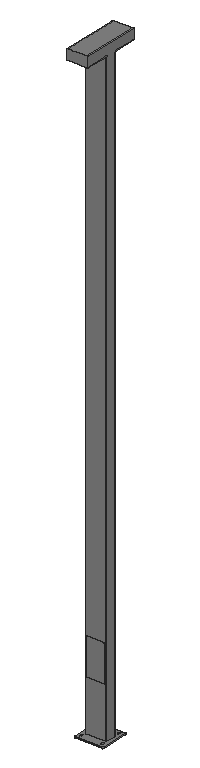
Revit family "Супремус В", category Осветительные приборы, Revit 2019 (continued)
Types (7, lengths in mm): name | Файл фотометрической сетки | built-in parameter 1150105 | Lumens | built-in parameter 1150106 | built-in parameter 1150142 | Wattage | L_общая рассеиватели | ADSK_Фактическая мощность | ADSK_Размер_Высота | ADSK_Номинальная мощность | ADSK_Наименование | ADSK_Масса_Текст | ADSK_Масса | ADSK_Артикул | 2
    .7 359.3 358.7 358.3 357.9 357.2 355.9 354.8\r\n 353.5 351.8 350.0 348.1 346.3 344.1 341.8 339.1 336.5 333.5 329.6 325.5 320.7 317.0 312.5 307.0 301.0 294.3 287.3 279.2 270.6\r\n 262.2 253.1 243.5 234.7 226.2 218.3 210.2 202.4 193.6 184.4 175.6 167.8 160.7 154.1 147.5 141.1 134.4 128.6 123.8 119.5 115.6\r\n 112.6 109.6 106.4 103.5 100.7 97.9 95.4 93.1 90.6 87.8 85.5 83.2 81.0 78.6 76.2 73.3 70.4 67.2 64.1 60.9 57.8 55.0 52.4 50.0 47.8\r\n 45.8 44.1 42.4 40.8 39.1 37.1 35.2 33.3 31.6 29.8 28.2 26.7 25.3 23.9 22.6 21.4 20.4 19.6 18.9 18.1 17.4 16.8 16.1 15.2 13.9 12.7\r\n 12.0 11.5 11.1 10.6 10.3 9.9 9.5 9.1 8.6 8.3 7.9 7.0 6.3 5.9 5.6 5.4 5.2 5.0 4.9 4.8 4.7 4.6 4.8 4.9 4.7 4.3 4.1 3.7 3.4 3.2 3.0\r\n 2.8 2.7 2.6 2.5 2.3 2.2 2.1 2.0 1.9 1.8 1.6 1.5 1.4 1.3 0.0 0.0 0.0 0.0 0.0 0.0 0.0 0.0 0.0 0.0 0.0 0.0 0.0 0.0 0.0 0.0 0.0 0.0\r\n 0.0 0.0 0.0 0.0 0.0 0.0 0.0 0.0 0.0 0.0 0.0 0.0 0.0 0.0 0.0 0.0 0.0 0.0 0.0 0.0 0.0 0.0 0.0 0.0 0.0 0.0 0.0 0.0 0.0 0.0 0.0 0.0\r\n 0.0 0.0 0.0 0.0 0.0 0.0 0.0 0.0 0.0 0.0 0.0 0.0 0.0 0.0 0.0 0.0 0.0 0.0 0.0 0.0 0.0 0.0 0.0 0.0 0.0 0.0 0.0 0.0 0.0 0.0 0.0 0.0\r\n 0.0 0.0 0.0 0.0 0.0 0.0 0.0 0.0 0.0 0.0 0.0 0.0 0.0 0.0 0.0 0.0 0.0 0.0 0.0 0.0 0.0 0.0 0.0 0.0 0.0 0.0 0.0 0.0 0.0 0.0 0.0 0.0\r\n 0.0 0.0 0.0 0.0 0.0 0.0 0.0 0.0 0.0 0.0 0.0 0.0 0.0 0.0 0.0 0.0 0.0 0.0 0.0 0.0 0.0 0.0 0.0 0.0 0.0 0.0 0.0 0.0 0.0 0.0 0.0 0.0\r\n 0.0 0.0 0.0 0.0 0.0 0.0 0.0 0.0 0.0 0.0 0.0 0.0 0.0 0.0\r\n275.6 278.1 280.8 283.4 286.3 289.3 292.6 296.0 299.5 302.9 305.9 308.9 311.5 314.2 316.6 318.8 321.2 323.4 326.0 328.6 331.0\r\n 333.2 335.2 337.0 338.7 340.4 342.0 343.5 344.8 346.3 347.8 349.1 350.6 352.1 353.3 355.0 356.3 357.8 359.3 360.4 361.4 362.2\r\n 362.8 363.1 363.9 364.3 364.7 364.7 364.5 364.1 363.1 362.5 361.7 361.0 360.6 360.3 359.9 359.5 359.0 358.3 357.3 356.1 354.9\r\n 353.5 351.8 350.0 348.2 346.3 343.7 340.9 337.9 334.7 331.3 327.4 322.9 317.8 313.9 308.9 302.9 296.0 288.4 280.8 272.3 263.8\r\n 254.5 244.2 234.3 225.1 216.9 208.9 200.5 192.3 182.9 173.7 165.6 158.5 151.8 145.5 139.6 133.6 128.2 122.9 117.7 114.3 111.1\r\n 108.2 105.4 102.5 99.5 96.7 94.1 91.6 89.0 86.3 83.8 81.9 80.2 78.2 75.7 73.2 70.3 67.2 64.1 60.7 57.3 54.3 51.7 49.1 46.8 45.0\r\n 43.4 41.9 40.4 38.9 37.0 35.0 33.1 31.4 29.6 28.1 26.7 25.3 23.9 22.7 21.7 20.8 20.0 19.3 18.7 18.0 17.4 16.9 16.2 15.4 14.1 12.7\r\n 11.7 11.2 10.8 10.4 10.1 9.7 9.3 9.0 8.6 8.2 7.8 6.9 6.2 5.8 5.6 5.3 5.1 5.0 4.9 4.8 4.7 4.7 4.9 4.9 4.6 4.3 4.1 3.8 3.4 3.2 3.0\r\n 2.8 2.7 2.6 2.5 2.4 2.4 2.2 2.1 2.0 1.8 1.7 1.5 1.4 1.3 0.0 0.0 0.0 0.0 0.0 0.0 0.0 0.0 0.0 0.0 0.0 0.0 0.0 0.0 0.0 0.0 0.0 0.0\r\n 0.0 0.0 0.0 0.0 0.0 0.0 0.0 0.0 0.0 0.0 0.0 0.0 0.0 0.0 0.0 0.0 0.0 0.0 0.0 0.0 0.0 0.0 0.0 0.0 0.0 0.0 0.0 0.0 0.0 0.0 0.0 0.0\r\n 0.0 0.0 0.0 0.0 0.0 0.0 0.0 0.0 0.0 0.0 0.0 0.0 0.0 0.0 0.0 0.0 0.0 0.0 0.0 0.0 0.0 0.0 0.0 0.0 0.0 0.0 0.0 0.0 0.0 0.0 0.0 0.0\r\n 0.0 0.0 0.0 0.0 0.0 0.0 0.0 0.0 0.0 0.0 0.0 0.0 0.0 0.0 0.0 0.0 0.0 0.0 0.0 0.0 0.0 0.0 0.0 0.0 0.0 0.0 0.0 0.0 0.0 0.0 0.0 0.0\r\n 0.0 0.0 0.0 0.0 0.0 0.0 0.0 0.0 0.0 0.0 0.0 0.0 0.0 0.0 0.0 0.0 0.0 0.0 0.0 0.0 0.0 0.0 0.0 0.0 0.0 0.0 0.0 0.0 0.0 0.0 0.0 0.0\r\n 0.0 0.0 0.0 0.0 0.0 0.0 0.0 0.0 0.0 0.0 0.0 0.0 0.0 0.0\r\n275.6 278.0 280.5 283.4 286.2 289.3 292.9 296.2 299.5 302.8 305.9 308.8 311.4 314.0 316.5 318.8 321.1 323.4 326.0 328.6 330.9\r\n 333.1 335.1 336.6 338.4 340.3 341.8 343.0 344.6 346.0 347.4 349.0 350.4 351.8 353.1 354.7 356.3 357.6 359.0 360.3 361.1 361.9\r\n 362.4 363.0 363.3 363.7 364.3 364.3 363.7 363.0 362.2 361.5 360.6 360.0 359.6 359.3 359.0 358.7 358.1 357.3 356.1 355.1 353.9\r\n 352.4 350.4 348.6 347.1 345.2 342.6 339.9 336.4 333.2 330.0 326.0 320.9 316.0 311.5 306.2 299.9 292.8 284.9 276.9 268.1 259.4\r\n 249.1 238.2 228.2 219.7 211.9 203.4 194.8 185.9 176.5 167.9 160.0 153.1 146.7 140.6 135.0 129.3 123.8 118.8 114.9 111.7 108.7\r\n 106.0 103.1 100.1 96.8 94.1 91.5 88.9 86.0 83.2 81.1 79.6 78.0 75.8 73.4 70.7 67.7 64.7 61.7 58.3 55.1 52.1 49.5 47.1 45.1 43.5\r\n 42.2 40.9 39.5 37.8 36.0 34.0 32.1 30.2 28.7 27.3 25.9 24.5 23.3 22.2 21.2 20.4 19.6 19.0 18.3 17.7 17.0 16.4 15.8 15.0 13.6 12.3\r\n 11.4 10.9 10.5 10.1 9.7 9.3 9.0 8.6 8.3 8.1 7.6 6.7 6.1 5.8 5.5 5.3 5.1 4.9 4.9 4.8 4.6 4.8 4.9 4.9 4.7 4.3 4.1 3.7 3.4 3.2 3.0\r\n 2.8 2.7 2.6 2.5 2.5 2.5 2.4 2.2 2.0 1.9 1.7 1.6 1.5 1.3 0.0 0.0 0.0 0.0 0.0 0.0 0.0 0.0 0.0 0.0 0.0 0.0 0.0 0.0 0.0 0.0 0.0 0.0\r\n 0.0 0.0 0.0 0.0 0.0 0.0 0.0 0.0 0.0 0.0 0.0 0.0 0.0 0.0 0.0 0.0 0.0 0.0 0.0 0.0 0.0 0.0 0.0 0.0 0.0 0.0 0.0 0.0 0.0 0.0 0.0 0.0\r\n 0.0 0.0 0.0 0.0 0.0 0.0 0.0 0.0 0.0 0.0 0.0 0.0 0.0 0.0 0.0 0.0 0.0 0.0 0.0 0.0 0.0 0.0 0.0 0.0 0.0 0.0 0.0 0.0 0.0 0.0 0.0 0.0\r\n 0.0 0.0 0.0 0.0 0.0 0.0 0.0 0.0 0.0 0.0 0.0 0.0 0.0 0.0 0.0 0.0 0.0 0.0 0.0 0.0 0.0 0.0 0.0 0.0 0.0 0.0 0.0 0.0 0.0 0.0 0.0 0.0\r\n 0.0 0.0 0.0 0.0 0.0 0.0 0.0 0.0 0.0 0.0 0.0 0.0 0.0 0.0 0.0 0.0 0.0 0.0 0.0 0.0 0.0 0.0 0.0 0.0 0.0 0.0 0.0 0.0 0.0 0.0 0.0 0.0\r\n 0.0 0.0 0.0 0.0 0.0 0.0 0.0 0.0 0.0 0.0 0.0 0.0 0.0 0.0\r\n275.6 278.0 280.5 283.3 286.2 289.2 292.8 296.0 299.3 302.6 305.8 308.6 311.2 313.8 316.2 318.7 321.0 323.2 325.6 328.1 330.6\r\n 332.8 334.9 336.5 338.1 339.8 341.5 342.8 344.4 345.7 346.9 348.6 350.0 351.2 352.7 354.1 355.8 357.3 358.7 360.0 360.8 361.5\r\n 362.3 362.7 363.1 363.5 364.1 364.2 363.7 363.1 362.3 361.5 360.7 360.1 359.7 359.4 359.0 359.0 358.4 357.6 356.8 355.4 354.5\r\n 353.0 351.2 349.4 347.7 345.9 343.4 340.9 338.1 335.1 331.8 327.9 323.0 318.0 312.8 307.7 301.8 295.0 287.7 279.8 271.2 262.6\r\n 253.0 242.1 232.5 223.9 216.0 207.7 198.8 190.1 180.3 171.0 162.7 155.4 148.8 142.4 136.8 131.5 126.3 120.9 115.7 112.3 109.3\r\n 106.4 103.5 100.5 97.3 94.3 91.5 88.8 85.9 83.1 80.8 79.1 77.6 75.7 73.5 70.9 68.1 65.5 62.7 59.4 56.1 53.2 50.6 48.1 45.9 44.0\r\n 42.5 41.1 39.7 38.1 36.4 34.5 32.7 30.8 29.0 27.6 26.3 24.8 23.5 22.4 21.4 20.6 19.9 19.1 18.5 17.7 17.1 16.4 15.8 15.0 13.8 12.5\r\n 11.5 11.0 10.6 10.2 9.8 9.4 9.1 8.7 8.4 8.1 7.7 6.8 6.0 5.7 5.4 5.2 5.1 4.9 4.8 4.7 4.5 4.6 4.8 4.7 4.8 4.4 4.1 3.8 3.4 3.2 3.0\r\n 2.8 2.6 2.5 2.5 2.4 2.4 2.2 2.1 1.9 1.8 1.7 1.5 1.4 1.3 0.0 0.0 0.0 0.0 0.0 0.0 0.0 0.0 0.0 0.0 0.0 0.0 0.0 0.0 0.0 0.0 0.0 0.0\r\n 0.0 0.0 0.0 0.0 0.0 0.0 0.0 0.0 0.0 0.0 0.0 0.0 0.0 0.0 0.0 0.0 0.0 0.0 0.0 0.0 0.0 0.0 0.0 0.0 0.0 0.0 0.0 0.0 0.0 0.0 0.0 0.0\r\n 0.0 0.0 0.0 0.0 0.0 0.0 0.0 0.0 0.0 0.0 0.0 0.0 0.0 0.0 0.0 0.0 0.0 0.0 0.0 0.0 0.0 0.0 0.0 0.0 0.0 0.0 0.0 0.0 0.0 0.0 0.0 0.0\r\n 0.0 0.0 0.0 0.0 0.0 0.0 0.0 0.0 0.0 0.0 0.0 0.0 0.0 0.0 0.0 0.0 0.0 0.0 0.0 0.0 0.0 0.0 0.0 0.0 0.0 0.0 0.0 0.0 0.0 0.0 0.0 0.0\r\n 0.0 0.0 0.0 0.0 0.0 0.0 0.0 0.0 0.0 0.0 0.0 0.0 0.0 0.0 0.0 0.0 0.0 0.0 0.0 0.0 0.0 0.0 0.0 0.0 0.0 0.0 0.0 0.0 0.0 0.0 0.0 0.0\r\n 0.0 0.0 0.0 0.0 0.0 0.0 0.0 0.0 0.0 0.0 0.0 0.0 0.0 0.0\r\n275.6 278.0 280.6 283.2 286.0 289.1 292.4 296.0 299.3 302.3 305.4 308.2 310.8 313.4 315.7 318.1 320.2 322.5 325.0 327.5 329.8\r\n 331.8 333.8 335.4 337.0 338.7 340.3 341.6 343.0 344.4 345.6 347.1 348.4 349.7 351.1 352.7 354.1 355.6 357.1 358.3 359.4 360.1\r\n 360.6 361.0 361.5 362.1 362.6 362.7 362.6 361.9 361.2 360.6 359.9 359.0 358.7 358.3 358.0 357.7 357.4 356.6 355.8 354.9 353.7\r\n 352.4 350.7 349.0 347.3 345.7 343.6 341.5 339.0 336.6 333.5 329.8 325.1 320.0 314.9 310.0 304.4 298.0 291.5 284.4 276.1 267.8\r\n 258.7 248.6 239.1 230.3 222.3 213.7 205.0 196.4 187.1 177.4 168.7 161.2 154.1 147.2 140.5 134.4 128.4 122.9 118.4 114.7 111.3\r\n 108.3 105.2 102.2 99.1 96.1 93.2 90.4 87.7 85.0 82.3 80.3 78.7 76.8 74.6 72.3 69.6 66.9 64.2 61.5 58.3 55.4 52.8 50.1 47.7 45.6\r\n 43.8 42.2 40.7 39.1 37.5 35.8 34.0 32.2 30.2 28.3 26.8 25.3 23.9 22.5 21.4 20.4 19.5 18.8 18.1 17.4 16.8 16.2 15.5 14.7 13.5 12.4\r\n 11.8 11.3 10.9 10.4 10.1 9.7 9.3 8.9 8.5 8.2 7.8 6.9 6.2 5.8 5.6 5.3 5.1 4.9 4.8 4.8 4.7 4.8 4.9 4.6 4.7 4.5 4.1 3.9 3.5 3.2 3.0\r\n 2.8 2.7 2.5 2.4 2.3 2.2 2.0 1.9 1.8 1.7 1.6 1.5 1.4 1.3 0.0 0.0 0.0 0.0 0.0 0.0 0.0 0.0 0.0 0.0 0.0 0.0 0.0 0.0 0.0 0.0 0.0 0.0\r\n 0.0 0.0 0.0 0.0 0.0 0.0 0.0 0.0 0.0 0.0 0.0 0.0 0.0 0.0 0.0 0.0 0.0 0.0 0.0 0.0 0.0 0.0 0.0 0.0 0.0 0.0 0.0 0.0 0.0 0.0 0.0 0.0\r\n 0.0 0.0 0.0 0.0 0.0 0.0 0.0 0.0 0.0 0.0 0.0 0.0 0.0 0.0 0.0 0.0 0.0 0.0 0.0 0.0 0.0 0.0 0.0 0.0 0.0 0.0 0.0 0.0 0.0 0.0 0.0 0.0\r\n 0.0 0.0 0.0 0.0 0.0 0.0 0.0 0.0 0.0 0.0 0.0 0.0 0.0 0.0 0.0 0.0 0.0 0.0 0.0 0.0 0.0 0.0 0.0 0.0 0.0 0.0 0.0 0.0 0.0 0.0 0.0 0.0\r\n 0.0 0.0 0.0 0.0 0.0 0.0 0.0 0.0 0.0 0.0 0.0 0.0 0.0 0.0 0.0 0.0 0.0 0.0 0.0 0.0 0.0 0.0 0.0 0.0 0.0 0.0 0.0 0.0 0.0 0.0 0.0 0.0\r\n 0.0 0.0 0.0 0.0 0.0 0.0 0.0 0.0 0.0 0.0 0.0 0.0 0.0 0.0\r\n275.6 277.9 280.5 283.0 285.7 288.8 291.9 295.1 298.6 301.8 304.7 307.5 310.0 312.7 314.9 317.1 319.3 321.3 323.8 326.2 328.6\r\n 330.6 332.5 334.2 335.8 337.2 338.8 340.3 341.5 342.8 344.1 345.3 346.5 347.8 348.9 350.4 351.8 353.1 354.7 355.9 357.0 357.9\r\n 358.6 359.0 359.7 360.0 360.6 360.9 361.2 361.1 360.5 359.9 359.4 358.7 358.1 357.7 357.4 357.0 356.8 356.2 355.6 354.8 353.6\r\n 352.7 351.5 350.1 348.5 346.9 345.3 343.9 342.3 340.2 337.9 334.7 330.4 325.3 320.9 316.7 311.2 304.9 298.8 292.8 285.3 277.7\r\n 269.5 260.7 251.8 242.7 234.2 225.7 216.9 208.2 199.5 191.0 182.8 174.6 166.8 159.5 152.7 145.6 139.0 132.8 127.8 122.8 117.9\r\n 114.3 111.0 107.9 104.7 101.5 98.3 95.4 92.7 90.1 87.5 85.0 82.7 80.7 78.6 76.4 73.8 71.0 68.2 65.6 62.8 59.5 56.5 53.7 51.1 48.5\r\n 46.4 44.4 42.7 41.2 39.7 38.3 36.7 34.9 33.1 31.3 29.5 27.5 25.8 24.4 22.9 21.5 20.3 19.4 18.5 17.7 17.0 16.2 15.5 14.6 13.5 12.7\r\n 12.2 11.9 11.4 11.0 10.6 10.3 9.9 9.5 9.0 8.6 8.3 7.7 6.9 6.3 6.0 5.7 5.5 5.3 5.2 5.0 4.8 4.6 4.7 4.7 4.6 4.5 4.2 3.9 3.6 3.3 3.1\r\n 2.9 2.7 2.5 2.3 2.2 2.1 1.9 1.9 1.8 1.7 1.6 1.5 1.4 1.3 0.0 0.0 0.0 0.0 0.0 0.0 0.0 0.0 0.0 0.0 0.0 0.0 0.0 0.0 0.0 0.0 0.0 0.0\r\n 0.0 0.0 0.0 0.0 0.0 0.0 0.0 0.0 0.0 0.0 0.0 0.0 0.0 0.0 0.0 0.0 0.0 0.0 0.0 0.0 0.0 0.0 0.0 0.0 0.0 0.0 0.0 0.0 0.0 0.0 0.0 0.0\r\n 0.0 0.0 0.0 0.0 0.0 0.0 0.0 0.0 0.0 0.0 0.0 0.0 0.0 0.0 0.0 0.0 0.0 0.0 0.0 0.0 0.0 0.0 0.0 0.0 0.0 0.0 0.0 0.0 0.0 0.0 0.0 0.0\r\n 0.0 0.0 0.0 0.0 0.0 0.0 0.0 0.0 0.0 0.0 0.0 0.0 0.0 0.0 0.0 0.0 0.0 0.0 0.0 0.0 0.0 0.0 0.0 0.0 0.0 0.0 0.0 0.0 0.0 0.0 0.0 0.0\r\n 0.0 0.0 0.0 0.0 0.0 0.0 0.0 0.0 0.0 0.0 0.0 0.0 0.0 0.0 0.0 0.0 0.0 0.0 0.0 0.0 0.0 0.0 0.0 0.0 0.0 0.0 0.0 0.0 0.0 0.0 0.0 0.0\r\n 0.0 0.0 0.0 0.0 0.0 0.0 0.0 0.0 0.0 0.0 0.0 0.0 0.0 0.0\r\n275.6 277.9 280.2 282.8 285.5 288.3 291.4 294.6 297.9 300.9 303.8 306.5 308.9 311.5 313.7 315.9 318.0 319.9 322.1 324.4 326.7\r\n 328.7 330.6 332.3 333.7 335.0 336.3 337.6 339.0 340.3 341.4 342.6 343.8 344.9 345.9 347.2 348.3 349.8 351.0 352.3 353.5 354.7\r\n 355.4 356.0 356.6 357.1 357.5 358.0 358.6 358.8 358.7 358.4 357.9 357.6 357.2 356.6 356.3 356.2 355.9 355.5 355.2 354.7 353.9\r\n 353.1 352.1 351.0 349.9 348.4 346.9 346.0 345.2 343.6 342.2 339.6 335.8 330.6 326.0 322.7 318.0 311.6 305.1 299.7 293.4 286.7\r\n 279.6 271.7 264.0 256.0 248.5 241.1 233.2 225.1 216.8 208.7 200.6 193.0 185.6 178.3 171.0 163.4 156.1 149.0 142.5 136.7 131.3\r\n 126.5 122.2 118.3 114.7 111.0 107.6 104.2 100.7 97.7 94.8 92.1 89.3 87.0 84.7 82.7 80.5 78.0 75.2 72.1 69.2 66.4 63.5 60.7 57.6\r\n 54.4 51.5 48.9 46.6 44.6 42.9 41.3 39.8 38.3 36.8 35.2 33.4 31.7 30.0 28.1 26.3 24.6 23.1 21.8 20.6 19.5 18.6 17.9 17.1 16.4 15.6\r\n 14.8 14.0 13.5 13.0 12.6 12.1 11.7 11.2 10.8 10.3 9.8 9.4 8.9 8.2 7.7 7.3 7.1 6.8 6.5 6.3 6.1 5.8 5.5 5.3 5.3 5.2 4.9 4.6 4.2 3.9\r\n 3.6 3.3 3.0 2.8 2.6 2.4 2.2 2.0 1.9 1.8 1.7 1.6 1.5 1.4 1.3 1.2 0.0 0.0 0.0 0.0 0.0 0.0 0.0 0.0 0.0 0.0 0.0 0.0 0.0 0.0 0.0 0.0\r\n 0.0 0.0 0.0 0.0 0.0 0.0 0.0 0.0 0.0 0.0 0.0 0.0 0.0 0.0 0.0 0.0 0.0 0.0 0.0 0.0 0.0 0.0 0.0 0.0 0.0 0.0 0.0 0.0 0.0 0.0 0.0 0.0\r\n 0.0 0.0 0.0 0.0 0.0 0.0 0.0 0.0 0.0 0.0 0.0 0.0 0.0 0.0 0.0 0.0 0.0 0.0 0.0 0.0 0.0 0.0 0.0 0.0 0.0 0.0 0.0 0.0 0.0 0.0 0.0 0.0\r\n 0.0 0.0 0.0 0.0 0.0 0.0 0.0 0.0 0.0 0.0 0.0 0.0 0.0 0.0 0.0 0.0 0.0 0.0 0.0 0.0 0.0 0.0 0.0 0.0 0.0 0.0 0.0 0.0 0.0 0.0 0.0 0.0\r\n 0.0 0.0 0.0 0.0 0.0 0.0 0.0 0.0 0.0 0.0 0.0 0.0 0.0 0.0 0.0 0.0 0.0 0.0 0.0 0.0 0.0 0.0 0.0 0.0 0.0 0.0 0.0 0.0 0.0 0.0 0.0 0.0\r\n 0.0 0.0 0.0 0.0 0.0 0.0 0.0 0.0 0.0 0.0 0.0 0.0 0.0 0.0 0.0 0.0\r\n275.6 277.9 280.1 282.6 285.0 287.7 290.6 293.5 296.7 299.7 302.5 305.4 307.9 310.2 312.5 314.4 316.5 318.4 320.2 322.4 324.4\r\n 326.4 328.4 330.1 331.4 332.9 334.0 335.5 336.7 338.0 339.4 340.3 341.3 342.2 343.1 344.1 345.0 346.1 347.4 348.5 349.8 351.0\r\n 352.2 353.1 353.7 354.3 355.0 355.2 356.0 356.6 357.1 357.4 357.5 357.2 357.1 357.0 356.8 356.5 356.5 356.5 356.3 355.8 355.5\r\n 355.1 354.5 353.7 352.9 352.0 350.7 349.7 349.3 348.7 347.8 346.5 344.1 340.5 336.0 332.7 329.1 324.0 318.2 312.9 307.9 302.1\r\n 296.1 290.1 283.9 277.7 271.3 264.8 258.5 251.4 244.4 237.5 230.5 223.4 216.1 208.7 201.5 194.2 187.2 180.1 173.2 166.4 159.7\r\n 153.5 147.5 141.9 137.0 132.4 127.7 123.1 118.4 114.1 109.7 105.7 102.1 98.4 94.7 91.3 88.5 86.1 83.9 81.4 78.7 75.6 72.3 69.1\r\n 66.1 63.0 59.8 56.4 53.0 49.9 47.1 44.7 42.7 40.9 39.3 37.8 36.5 35.1 33.8 32.4 30.9 29.3 27.8 26.3 24.7 23.3 22.3 21.5 20.8 20.0\r\n 19.2 18.5 17.9 17.4 16.7 16.1 15.4 14.9 14.4 13.9 13.3 12.7 12.1 11.7 11.1 10.4 9.9 9.5 9.1 8.8 8.4 8.1 7.7 7.2 6.8 6.6 6.4 6.1\r\n 5.6 5.1 4.6 4.1 3.7 3.4 3.1 2.8 2.6 2.4 2.2 2.0 1.9 1.7 1.7 1.5 1.4 1.3 1.1 0.0 0.0 0.0 0.0 0.0 0.0 0.0 0.0 0.0 0.0 0.0 0.0 0.0\r\n 0.0 0.0 0.0 0.0 0.0 0.0 0.0 0.0 0.0 0.0 0.0 0.0 0.0 0.0 0.0 0.0 0.0 0.0 0.0 0.0 0.0 0.0 0.0 0.0 0.0 0.0 0.0 0.0 0.0 0.0 0.0 0.0\r\n 0.0 0.0 0.0 0.0 0.0 0.0 0.0 0.0 0.0 0.0 0.0 0.0 0.0 0.0 0.0 0.0 0.0 0.0 0.0 0.0 0.0 0.0 0.0 0.0 0.0 0.0 0.0 0.0 0.0 0.0 0.0 0.0\r\n 0.0 0.0 0.0 0.0 0.0 0.0 0.0 0.0 0.0 0.0 0.0 0.0 0.0 0.0 0.0 0.0 0.0 0.0 0.0 0.0 0.0 0.0 0.0 0.0 0.0 0.0 0.0 0.0 0.0 0.0 0.0 0.0\r\n 0.0 0.0 0.0 0.0 0.0 0.0 0.0 0.0 0.0 0.0 0.0 0.0 0.0 0.0 0.0 0.0 0.0 0.0 0.0 0.0 0.0 0.0 0.0 0.0 0.0 0.0 0.0 0.0 0.0 0.0 0.0 0.0\r\n 0.0 0.0 0.0 0.0 0.0 0.0 0.0 0.0 0.0 0.0 0.0 0.0 0.0 0.0 0.0 0.0 0.0 0.0 0.0\r\n275.6 277.7 280.0 282.2 284.4 286.9 289.7 292.4 295.3 298.3 301.0 303.6 306.0 308.2 310.4 312.2 314.1 316.0 317.8 319.2 321.5\r\n 323.3 325.2 326.8 328.3 329.6 331.0 332.3 333.4 334.7 335.9 336.9 337.7 338.6 339.5 340.2 340.9 341.8 342.9 343.9 345.0 346.1\r\n 347.3 348.2 349.4 350.2 351.0 351.5 352.3 352.9 353.5 354.3 354.9 355.5 355.8 356.1 356.2 356.2 356.5 356.6 356.6 356.8 356.6\r\n 356.5 356.2 356.1 355.9 355.7 355.0 354.1 353.8 353.5 353.3 353.1 352.0 349.7 346.8 344.5 342.0 338.2 333.6 329.4 325.5 321.5\r\n 316.6 311.5 306.5 301.3 296.1 290.7 285.5 280.2 274.8 269.2 263.2 257.5 251.5 245.7 239.7 233.4 226.6 219.1 211.5 204.1 197.0\r\n 190.4 183.8 176.9 170.1 163.8 157.8 152.2 146.8 141.3 135.8 130.7 125.8 121.1 116.6 112.3 107.9 103.3 99.3 95.9 93.1 90.6 87.8\r\n 84.7 81.3 77.6 74.0 70.7 67.5 64.1 60.7 57.4 54.2 51.0 48.0 45.7 43.7 41.9 40.3 38.9 37.5 36.3 35.0 33.8 32.5 31.3 30.1 29.0 27.7\r\n 26.5 25.5 24.5 23.7 22.9 22.0 21.1 20.2 19.4 18.6 17.8 17.1 16.4 15.7 15.0 14.2 13.2 12.3 11.5 10.9 10.2 9.6 9.0 8.3 7.6 7.1 6.6\r\n 6.2 5.9 5.4 5.0 4.4 4.0 3.6 3.3 3.0 2.8 2.5 2.3 2.1 2.0 1.9 1.8 1.6 1.5 1.3 1.2 1.0 0.0 0.0 0.0 0.0 0.0 0.0 0.0 0.0 0.0 0.0 0.0\r\n 0.0 0.0 0.0 0.0 0.0 0.0 0.0 0.0 0.0 0.0 0.0 0.0 0.0 0.0 0.0 0.0 0.0 0.0 0.0 0.0 0.0 0.0 0.0 0.0 0.0 0.0 0.0 0.0 0.0 0.0 0.0 0.0\r\n 0.0 0.0 0.0 0.0 0.0 0.0 0.0 0.0 0.0 0.0 0.0 0.0 0.0 0.0 0.0 0.0 0.0 0.0 0.0 0.0 0.0 0.0 0.0 0.0 0.0 0.0 0.0 0.0 0.0 0.0 0.0 0.0\r\n 0.0 0.0 0.0 0.0 0.0 0.0 0.0 0.0 0.0 0.0 0.0 0.0 0.0 0.0 0.0 0.0 0.0 0.0 0.0 0.0 0.0 0.0 0.0 0.0 0.0 0.0 0.0 0.0 0.0 0.0 0.0 0.0\r\n 0.0 0.0 0.0 0.0 0.0 0.0 0.0 0.0 0.0 0.0 0.0 0.0 0.0 0.0 0.0 0.0 0.0 0.0 0.0 0.0 0.0 0.0 0.0 0.0 0.0 0.0 0.0 0.0 0.0 0.0 0.0 0.0\r\n 0.0 0.0 0.0 0.0 0.0 0.0 0.0 0.0 0.0 0.0 0.0 0.0 0.0 0.0 0.0 0.0 0.0 0.0 0.0 0.0 0.0\r\n275.6 277.6 279.6 281.8 283.9 286.2 288.6 291.3 293.7 296.5 299.1 301.6 303.9 306.0 308.0 310.0 311.6 313.5 315.1 316.6 318.2\r\n 319.9 321.6 323.3 324.9 326.2 327.7 328.9 330.2 331.3 332.1 333.1 334.2 335.4 336.0 336.9 337.5 338.3 339.0 339.8 340.5 341.4\r\n 342.2 343.2 344.3 345.2 346.3 347.5 348.6 349.6 350.4 351.2 352.2 353.0 353.9 354.8 355.5 356.3 356.9 357.5 358.0 358.5 359.0\r\n 359.7 360.0 360.4 360.8 361.1 361.4 361.4 361.4 361.5 361.8 362.2 362.7 361.8 360.2 358.7 357.5 355.2 352.1 348.8 345.8 343.1\r\n 340.3 337.2 333.8 330.8 327.4 324.2 320.5 316.9 312.9 308.8 304.4 299.8 295.3 291.1 286.9 282.7 278.4 274.0 
